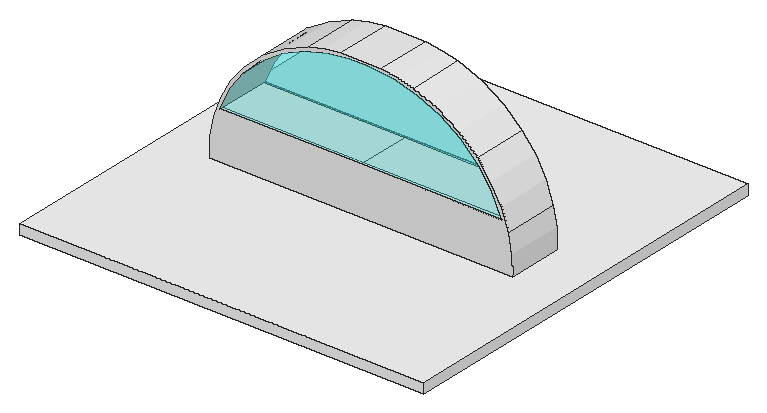
Revit family "BE_24470_de_DE", category Leuchten, Revit 2017
Family settings
  Basisbauteil = Fläche
  Bemaßung runder Anschluss = Durchmesser verwenden
  Teiletyp = Normal
  Beim Laden mit Abzugskörper schneiden = Ja
  Lichtquelle = Ja
  Gemeinsam genutzt = Nein
  Raumberechnungspunkt = Ja
Parameters (values of type "BEGA_24470_Weiß_K4")
  built-in parameter 1150104 = 19.073 (stored number, unit not read)
  Wattage = 5.7 W
  Default Elevation = 0 mm
  built-in parameter 1150113 = 1 (stored number, unit not read)
  built-in parameter 1114218 = 1 (stored number, unit not read)
  Umgebungstemperatur = "25 °C"
  URL = "https://www.bega.com/de/produkt/24470"
  Typenkommentare = "© 2021 BEGA. Wir behalten uns das Recht vor, technische Änderungen ohne vorherige Ankündigung vorzunehmen."  # constant formula
  built-in parameter 1150134 = 12
  built-in parameter 1150109 = 1 (stored number, unit not read)
  Strom = ""
  built-in parameter 1150110 = 1 (stored number, unit not read)
  Spannung = 239.996 V
  Sonderanfertigung = no
  Seriennummer [instance] = "Hier können Sie die eindeutige Seriennummer für das Facility Management eintragen."
  Schutzklasse = "I"
  Schutzart = "IP 65"
  Scheinlast = 0 VA
  Produktdatenblatt = "http://www.bega.de/download/Xrfa/db/24470.db.de.pdf"
  Oberflächentemperatur = ""
  Neigungswinkel = 0.00°
  Modell = "24470WK4"
  Material_17 = BEGA_Reflektor
  Material_15 = BEGA_Leuchtmedium_matt
  Material_11 = BEGA_Glas_opal
  Material_10 = BEGA_Glas_matt
  Material_09 = BEGA_Glas_klar
  Material_06 = BEGA_Oberfläche_Edelstahl_gebürstet
  Material_03 = BEGA_Oberfläche_Weiss_matt
  Material_02 = BEGA_Oberfläche_Silber_matt
  Material_01 [instance] = BEGA_Oberfläche_Grafit_matt
  M_W = yes
  M_G = no
  M_A = no
  Logo = 0
  built-in parameter 1114217 = 1 (stored number, unit not read)
  built-in parameter 1150139 = (empty or 0)
  built-in parameter 1150105 = 93.122 (stored number, unit not read)
  built-in parameter 1150114 = 1 (stored number, unit not read)
  Lumens = 1170.21 lm
  built-in parameter 1150115 = 1 (stored number, unit not read)
  Leuchtenlichtstrom = "591 lm"
  Leuchtenanzahl = ""
  Lebensdauerkriterien = "L70B50 @ 25 °C = 200000 h"
  Lastklassifizierung = Beleuchtung
  built-in parameter 1150112 = 1 (stored number, unit not read)
  Lampenlichtstrom = "1170 lm"
  Lampe = "LED 5.7 W"
  LED_Modulbezeichnung = "LED-0274/840"
  built-in parameter 1150142 = (empty or 0)
  Hersteller = "BEGA"  # constant formula
  Halbstreuwinkel = ""
  Gewicht = "1.5 kg"
  Gebrauchslageneinschränkung [instance] = ""
  Frequenz = "0/50-60 Hz"
  Farbwiedergabeindex = "CRI > 80"
  Farbtemperaturverschiebung bei Dämpfen der Lampe = <Keine Auswahl>
  Farbtemperatur = "4000 K"
  Color Filter = 16777215
  built-in parameter 1150133 = 10 (stored number, unit not read)
  Energieeffizienzklasse = "LED A++ - A"
  built-in parameter 1150137 = (empty or 0)
  built-in parameter 1150132 = (empty or 0)
  ENEC = ""
  Dimmbar [instance] = ""
  Datei für fotometrisches Netz = "BE_24470K4.IES"
  CE_Konformität = "ja"
  Bestellnummer = "24470WK4"
  Beschreibung_Sonderanfertigung = "Hier können Sie Informationen zur Sonderanfertigung eintragen."
  Beschreibung = "Wandleuchte"
  built-in parameter 1150106 = 0.93122 (stored number, unit not read)
  Befestigungsbohrung = "Ø 4,5 mm"
  Befestigungsabstand = "277 mm"
  Ballwurfsicher = ""
  BEGA_Intern_aus = yes
  BEGA_Intern_an = yes
  BEGA_Intern_Konstruktion = yes
  BEGA_Intern = yes
  BEGA_IES = yes
  BEGA_Dummy = no
  Anschlussleitung = ""
  Anschlussleistung [instance] = "6.8 W"
  Anschlusskasten = ""
  built-in parameter 1150107 = 4000 (stored number, unit not read)
  built-in parameter 1150102 = (empty or 0)
  built-in parameter 1150138 = (empty or 0)
  Aktualisierung = "2021-05-12T04:00:08"
  Abstand_zur_angestrahlten_Fläche [instance] = ""
  AC/DC = "AC/DC"
Types (6, lengths in mm): name | built-in parameter 1150104 | built-in parameter 1150134 | Modell | M_W | M_G | M_A | built-in parameter 1150105 | Lumens | Leuchtenlichtstrom | Lampenlichtstrom | LED_Modulbezeichnung | Farbtemperatur | Datei für fotometrisches Netz | Bestellnummer | built-in parameter 1150106 | built-in parameter 1150107
  BEGA_24470_Grafit_K3 | 18.497 (stored number, unit not read) | (empty or 0) | "24470K3" | no | yes | no | 90.31 (stored number, unit not read) | 1134.87 lm | "573 lm" | "1135 lm" | "LED-0274/830" | "3000 K" | "BE_24470K3.IES" | "24470K3" | 0.9031 (stored number, unit not read) | 3000 (stored number, unit not read)
  BEGA_24470_Silber_K4 | 19.073 (stored number, unit not read) | 12 | "24470AK4" | no | no | yes | 93.122 (stored number, unit not read) | 1170.21 lm | "591 lm" | "1170 lm" | "LED-0274/840" | "4000 K" | "BE_24470K4.IES" | "24470AK4" | 0.93122 (stored number, unit not read) | 4000 (stored number, unit not read)
  BEGA_24470_Grafit_K4 | 19.073 (stored number, unit not read) | 12 | "24470K4" | no | yes | no | 93.122 (stored number, unit not read) | 1170.21 lm | "591 lm" | "1170 lm" | "LED-0274/840" | "4000 K" | "BE_24470K4.IES" | "24470K4" | 0.93122 (stored number, unit not read) | 4000 (stored number, unit not read)
  BEGA_24470_Weiß_K3 | 18.488 (stored number, unit not read) | (empty or 0) | "24470WK3" | yes | no | no | 90.265 (stored number, unit not read) | 1134.3 lm | "573 lm" | "1135 lm" | "LED-0274/830" | "3000 K" | "BE_24470K3.IES" | "24470WK3" | 0.90265 (stored number, unit not read) | 3000 (stored number, unit not read)
  BEGA_24470_Weiß_K4 | 19.073 (stored number, unit not read) | 12 | "24470WK4" | yes | no | no | 93.122 (stored number, unit not read) | 1170.21 lm | "591 lm" | "1170 lm" | "LED-0274/840" | "4000 K" | "BE_24470K4.IES" | "24470WK4" | 0.93122 (stored number, unit not read) | 4000 (stored number, unit not read)
  BEGA_24470_Silber_K3 | 18.488 (stored number, unit not read) | (empty or 0) | "24470AK3" | no | no | yes | 90.265 (stored number, unit not read) | 1134.3 lm | "573 lm" | "1135 lm" | "LED-0274/830" | "3000 K" | "BE_24470K3.IES" | "24470AK3" | 0.90265 (stored number, unit not read) | 3000 (stored number, unit not read)
Reference planes
  plane 1 "Mitte (Vorne/Hinten)": y = 0
  plane 2: z = 0
  plane 3 "Mitte (Links/Rechts)": x = 0
  plane 4 "Links": x = -149.936
  plane 5 "Rechts": x = 149.099
  plane 6 "Unten": y = -29.07
  plane 7 "Oben": y = 25.93
  plane 8 "Vorne": z = 140
  plane 9 "Hinten": z = 0
Forms (mm)
  Extrusion 1, solid, material "BEGA_Platte_Weiss"
    sketch origin (0, -1119.2, 0) x (1, 0, 0) y (0, 1, 0)
      loop
        line (-200, 1319.2) -> (-200, 919.2) -> (200, 919.2) -> (200, 1319.2) -> (-200, 1319.2)
    from 0 to -10
  Extrusion 2, solid, material "BEGA_Dummy_matt", visible <- "BEGA_Dummy"
    sketch origin (80.095, -76.023, 0) x (1, 0, 0) y (0, 1, 0)
      loop
        line (-230.031, 101.953) -> (-230.031, 46.953) -> (69.004, 46.953) -> (69.004, 101.953) -> (-230.031, 101.953)
    from 0 to 140
Dimensions and locks
  plane 1 "Mitte (Vorne/Hinten)" to Extrusion 1 = 200 mm
  aligned and locked: Extrusion 1 to plane 2
  aligned and locked: Extrusion 1 to level
Nested families
  nested 1: "BE_24470" at (-0.418, 0, 0), type "BE_24470"
Connectors
  electrical at (0, 0, 0), driven by "Lastklassifizierung", driven by "Spannung", driven by "Scheinlast"
    settings: index 1, voltage 239.996 V, apparent load 0 VA, apparent load phase1 0 VA, apparent load phase2 0 VA, apparent load phase3 0 VA, power factor 1, load classification "Beleuchtung", number of poles 1, system type 31, power factor state 1, is connector primary yes, connector utility no, sub classification motor no, connector description ""
Definition of nested family "BE_24470"
  Parameters (values of type "BE_24470")
    Default Elevation = 1 mm
    URL = "http://www.bega.de/de/produkt"
    Type Comments = "© 2015 BEGA. Wir behalten uns das Recht vor, technische Änderungen ohne vorherige Ankündigung vorzunehmen. "  # constant formula
    Type Image = (empty or 0)
    Neigungswinkel_um_Z2 = 0.00°
    Neigungswinkel_um_Z1 = 0.00°
    Neigungswinkel_um_Y2 = 0.00°
    Neigungswinkel_um_Y1 = 0.00°
    Neigungswinkel_um_X2 = 0.00°
    Neigungswinkel_um_X1 = 0.00°
    Material_17 = none
    Material_15 = none
    Material_11 = none
    Material_10 = none
    Material_09 = none
    Material_06 = none
    Material_03 = none
    Material_02 = none
    Material_01 = none
    M_W = yes
    M_G = no
    M_A = no
    Länge_Platte = 350 mm  # constant formula
    Höhe_Platte = -20 mm  # constant formula
    Manufacturer = "BEGA"  # constant formula
    Drehwinkel_um_Z2 = 0.00°
    Drehwinkel_um_Z1 = 0.00°
    Breite_Platte = 350 mm  # constant formula
  Reference planes
    plane 1 "Mitte (Oben/Unten)": y = 0
    plane 2: z = 0
    plane 3 "Mitte (Links/Rechts)": x = 0
    plane 4: x = 0
    plane 5: y = 0
    plane 6: x = -149.517
    plane 7: x = 149.283
    plane 8: y = 27.5
    plane 9: y = -27.5
    plane 10: z = 140.224
  Forms (mm)
    Extrusion 1, solid, detail levels medium
      sketch origin (0, 0, 0) x (1, 0, 0) y (0, 1, 0)
        loop
          line (-175, 175) -> (-175, -175) -> (175, -175) -> (175, 175) -> (-175, 175)
      from 0 to -20 <- "Höhe_Platte"
    Extrusion 2, void
      sketch origin (0, 0, 0) x (1, 0, 0) y (0, 0, 1)
        loop
          line (0, 47.2) -> (139.372, 47.2)
          arc (139.372, 47.2) -> (129.657, 68.074) -> (116.438, 86.924) r 131.001
          arc (116.438, 86.924) -> (98.649, 104.38) -> (77.876, 118.151) r 131.001
          arc (77.876, 118.151) -> (43.585, 131.646) -> (7.118, 136.951) r 160.27
          arc (7.118, 136.951) -> (-13.063, 136.721) -> (-33.069, 134.064) r 167.401
          arc (-33.069, 134.064) -> (-56.066, 127.778) -> (-77.876, 118.151) r 160.27
          arc (-77.876, 118.151) -> (-98.649, 104.38) -> (-116.438, 86.924) r 131.001
          arc (-116.438, 86.924) -> (-129.657, 68.074) -> (-139.372, 47.2) r 131.001
          line (-139.372, 47.2) -> (0, 47.2)
      from -39.173 to 42.915
    Extrusion 3, void
      sketch origin (0, 0, 0) x (1, 0, 0) y (0, 1, 0)
        loop
          line (-140, -2.25) -> (-134, -2.25)
          arc (-134, -2.25) -> (-131.75, 0) -> (-134, 2.25) r 2.25
          line (-134, 2.25) -> (-137, 2.294) -> (-140, 2.25)
          arc (-140, 2.25) -> (-142.25, 0) -> (-140, -2.25) r 2.25
      from -3 to 22
    Extrusion 4, void
      sketch origin (0, 0, 0) x (1, 0, 0) y (0, 1, 0)
        loop
          arc (142.308, -4.033) -> (142.337, 0) -> (142.308, 4.033) r 282.341
          arc (142.308, 4.033) -> (139.938, 6.334) -> (137.634, 3.964) r 2.337
          arc (137.634, 3.964) -> (137.663, 0) -> (137.634, -3.964) r 277.666
          arc (137.634, -3.964) -> (139.938, -6.337) -> (142.308, -4.033) r 2.337
      from -6.114 to 18.886
    Extrusion 5, void
      sketch origin (0, 0, 0) x (1, 0, 0) y (0, 1, 0)
        loop
          circle (-87, 6.5) r 4.001
      from -6.872 to 18.128
    Extrusion 6, void
      sketch origin (0, 0, 0) x (1, 0, 0) y (0, 1, 0)
        loop
          circle (-66, -6.5) r 4.001
      from -6.114 to 18.886
    Extrusion 7, solid, material <- "Material_01", visible <- "M_G"
      sketch origin (0, 0, 0) x (1, 0, 0) y (0, 0, 1)
        loop
          arc (149.517, 0) -> (149.37, 18.894) -> (146.05, 37.495) r 112.048
          arc (146.05, 37.495) -> (134.105, 67.091) -> (115.336, 92.904) r 130.544
          arc (115.336, 92.904) -> (86.219, 116.888) -> (51.898, 132.545) r 144.916
          arc (51.898, 132.545) -> (35.969, 136.463) -> (19.701, 138.568) r 145.852
          arc (19.701, 138.568) -> (0, 139.281) -> (-19.701, 138.568) r 272.355
          arc (-19.701, 138.568) -> (-35.969, 136.463) -> (-51.898, 132.545) r 145.852
          arc (-51.898, 132.545) -> (-86.219, 116.888) -> (-115.336, 92.904) r 144.916
          arc (-115.336, 92.904) -> (-134.105, 67.091) -> (-146.05, 37.495) r 130.544
          arc (-146.05, 37.495) -> (-149.37, 18.894) -> (-149.517, 0) r 112.048
          line (-149.517, 0) -> (149.517, 0)
      from -27.5 to 27.5
    Extrusion 8, solid, material <- "Material_02", visible <- "M_A"
      sketch origin (0, 0, 0) x (1, 0, 0) y (0, 0, 1)
        loop
          arc (149.517, 0) -> (149.37, 18.894) -> (146.05, 37.495) r 112.048
          arc (146.05, 37.495) -> (134.105, 67.091) -> (115.336, 92.904) r 130.544
          arc (115.336, 92.904) -> (86.219, 116.888) -> (51.898, 132.545) r 144.916
          arc (51.898, 132.545) -> (35.969, 136.463) -> (19.701, 138.568) r 145.852
          arc (19.701, 138.568) -> (0, 139.281) -> (-19.701, 138.568) r 272.355
          arc (-19.701, 138.568) -> (-35.969, 136.463) -> (-51.898, 132.545) r 145.852
          arc (-51.898, 132.545) -> (-86.219, 116.888) -> (-115.336, 92.904) r 144.916
          arc (-115.336, 92.904) -> (-134.105, 67.091) -> (-146.05, 37.495) r 130.544
          arc (-146.05, 37.495) -> (-149.37, 18.894) -> (-149.517, 0) r 112.048
          line (-149.517, 0) -> (149.517, 0)
      from -27.5 to 27.5
    Extrusion 9, solid, material <- "Material_03", visible <- "M_W"
      sketch origin (0, 0, 0) x (1, 0, 0) y (0, 0, 1)
        loop
          arc (149.517, 0) -> (149.37, 18.894) -> (146.05, 37.495) r 112.048
          arc (146.05, 37.495) -> (134.105, 67.091) -> (115.336, 92.904) r 130.544
          arc (115.336, 92.904) -> (86.219, 116.888) -> (51.898, 132.545) r 144.916
          arc (51.898, 132.545) -> (35.969, 136.463) -> (19.701, 138.568) r 145.852
          arc (19.701, 138.568) -> (0, 139.281) -> (-19.701, 138.568) r 272.355
          arc (-19.701, 138.568) -> (-35.969, 136.463) -> (-51.898, 132.545) r 145.852
          arc (-51.898, 132.545) -> (-86.219, 116.888) -> (-115.336, 92.904) r 144.916
          arc (-115.336, 92.904) -> (-134.105, 67.091) -> (-146.05, 37.495) r 130.544
          arc (-146.05, 37.495) -> (-149.37, 18.894) -> (-149.517, 0) r 112.048
          line (-149.517, 0) -> (149.517, 0)
      from -27.5 to 27.5
    Extrusion 10, solid, material <- "Material_09"
      sketch origin (0, 0, 0) x (1, 0, 0) y (0, 0, 1)
        loop
          line (0, 47.2) -> (139.372, 47.2)
          arc (139.372, 47.2) -> (129.657, 68.074) -> (116.438, 86.924) r 131.001
          arc (116.438, 86.924) -> (98.649, 104.38) -> (77.876, 118.151) r 131.001
          arc (77.876, 118.151) -> (43.585, 131.646) -> (7.118, 136.951) r 160.27
          arc (7.118, 136.951) -> (-13.063, 136.721) -> (-33.069, 134.064) r 167.401
          arc (-33.069, 134.064) -> (-56.066, 127.778) -> (-77.876, 118.151) r 160.27
          arc (-77.876, 118.151) -> (-98.649, 104.38) -> (-116.438, 86.924) r 131.001
          arc (-116.438, 86.924) -> (-129.657, 68.074) -> (-139.372, 47.2) r 131.001
          line (-139.372, 47.2) -> (0, 47.2)
      from 24.826 to 27.5
    Extrusion 11, solid, material <- "Material_09"
      sketch origin (0, 0, 0) x (1, 0, 0) y (0, 0, -1)
        loop
          line (0, -47.2) -> (-139.372, -47.2)
          arc (-139.372, -47.2) -> (-129.657, -68.074) -> (-116.438, -86.924) r 131.001
          arc (-116.438, -86.924) -> (-98.649, -104.38) -> (-77.876, -118.151) r 131.001
          arc (-77.876, -118.151) -> (-56.066, -127.778) -> (-33.069, -134.064) r 160.27
          arc (-33.069, -134.064) -> (-13.063, -136.721) -> (7.118, -136.951) r 167.401
          arc (7.118, -136.951) -> (43.585, -131.646) -> (77.876, -118.151) r 160.27
          arc (77.876, -118.151) -> (98.649, -104.38) -> (116.438, -86.924) r 131.001
          arc (116.438, -86.924) -> (129.657, -68.074) -> (139.372, -47.2) r 131.001
          line (139.372, -47.2) -> (0, -47.2)
      from 24.826 to 27.5
  Cuts and joins
    Extrusion 2, Extrusion 3, Extrusion 4, Extrusion 5, Extrusion 6 cuts Extrusion 7
    Extrusion 2, Extrusion 3, Extrusion 4, Extrusion 5, Extrusion 6 cuts Extrusion 9
    Extrusion 2, Extrusion 3, Extrusion 4, Extrusion 5, Extrusion 6 cuts Extrusion 8
  Dimensions and locks
    equal spacing: Extrusion 1 sketch curve, plane 3 "Mitte (Links/Rechts)", Extrusion 1 sketch curve
    equal spacing: Extrusion 1 sketch curve, plane 1 "Mitte (Oben/Unten)", Extrusion 1 sketch curve
    "Länge_Platte": Extrusion 1 sketch curve to Extrusion 1 sketch curve
    "Breite_Platte": Extrusion 1 sketch curve to Extrusion 1 sketch curve
    aligned and locked: Extrusion 1 to plane 2
    aligned and locked: Extrusion 1 to level
  Automatic sketch dimensions
    Extrusion 2 sketch curve to Extrusion 2 sketch curve = 0 mm  (x6)
    Extrusion 2 sketch curve to plane 3 "Mitte (Links/Rechts)" = 0 mm
    Extrusion 2 sketch curve to plane 3 "Mitte (Links/Rechts)" = 1.065 mm
    Extrusion 2 sketch curve to plane 3 "Mitte (Links/Rechts)" = 2.429 mm
    level to Extrusion 2 sketch curve = 2.573 mm  (x2)
    Extrusion 2 sketch curve to plane 3 "Mitte (Links/Rechts)" = 16.207 mm
    plane 6 to Extrusion 2 sketch curve = 10.145 mm
    plane 3 "Mitte (Links/Rechts)" to Extrusion 2 sketch curve = 2.429 mm
    plane 3 "Mitte (Links/Rechts)" to Extrusion 2 sketch curve = 16.207 mm
    plane 7 to Extrusion 2 sketch curve = 9.91 mm
    Extrusion 2 sketch curve to level = 23.25 mm
    Extrusion 2 sketch curve to Extrusion 2 sketch curve = 7 mm
    level to Extrusion 2 sketch curve = 47.2 mm
    Extrusion 2 sketch curve to plane 10 = 6.16 mm
    plane 6 to Extrusion 2 sketch curve = 33.08 mm
    Extrusion 2 sketch curve to plane 10 = 3.273 mm
    plane 7 to Extrusion 2 sketch curve = 32.845 mm
    plane 1 "Mitte (Oben/Unten)" to Extrusion 3 sketch curve = 0 mm  (x2)
    Extrusion 3 sketch curve to plane 1 "Mitte (Oben/Unten)" = 2.25 mm
    plane 6 to Extrusion 3 sketch curve = 9.517 mm
    Extrusion 3 sketch curve to plane 1 "Mitte (Oben/Unten)" = 2.294 mm
    Extrusion 3 sketch curve to Extrusion 3 sketch curve = 3 mm  (x2)
    plane 1 "Mitte (Oben/Unten)" to Extrusion 4 sketch curve = 0 mm
    plane 6 to Extrusion 4 sketch curve = 9.514 mm
    Extrusion 4 sketch curve to Extrusion 4 sketch curve = 0 mm  (x7)
    plane 1 "Mitte (Oben/Unten)" to Extrusion 4 sketch curve = 4 mm
    plane 7 to Extrusion 4 sketch curve = 9.311 mm
    Extrusion 4 sketch curve to plane 1 "Mitte (Oben/Unten)" = 3.997 mm
    Extrusion 4 sketch curve to plane 1 "Mitte (Oben/Unten)" = 0.003 mm
    Extrusion 4 sketch curve to Extrusion 4 sketch curve = 2.337 mm  (x4)
    Extrusion 4 sketch curve to Extrusion 4 sketch curve = 0.033 mm
    Extrusion 7 sketch curve to level = 0 mm
    plane 3 "Mitte (Links/Rechts)" to Extrusion 7 sketch curve = 0 mm
    Extrusion 7 sketch curve to level = 6.903 mm  (x2)
    Extrusion 7 sketch curve to plane 3 "Mitte (Links/Rechts)" = 9.151 mm
    Extrusion 7 sketch curve to Extrusion 7 sketch curve = 0.274 mm  (x2)
    level to Extrusion 7 sketch curve = 3.802 mm  (x2)
    Extrusion 7 sketch curve to Extrusion 7 sketch curve = 10.503 mm  (x2)
    level to Extrusion 7 sketch curve = 8.576 mm  (x2)
    Extrusion 7 sketch curve to Extrusion 7 sketch curve = 17.87 mm  (x2)
    plane 6 to Extrusion 7 sketch curve = 0 mm
    plane 3 "Mitte (Links/Rechts)" to Extrusion 7 sketch curve = 9.151 mm
    Extrusion 7 sketch curve to plane 7 = 0.235 mm
    Extrusion 7 sketch curve to Extrusion 7 sketch curve = 126.172 mm
    Extrusion 7 sketch curve to Extrusion 7 sketch curve = 0.895 mm  (x2)
    Extrusion 7 sketch curve to plane 10 = 1.657 mm
    Extrusion 7 sketch curve to Extrusion 7 sketch curve = 0 mm  (x6)
    Extrusion 8 sketch curve to level = 0 mm
    plane 3 "Mitte (Links/Rechts)" to Extrusion 8 sketch curve = 0 mm
    Extrusion 8 sketch curve to level = 6.903 mm  (x2)
    Extrusion 8 sketch curve to plane 3 "Mitte (Links/Rechts)" = 9.151 mm
    Extrusion 8 sketch curve to Extrusion 8 sketch curve = 0.274 mm  (x2)
    level to Extrusion 8 sketch curve = 3.802 mm  (x2)
    Extrusion 8 sketch curve to Extrusion 8 sketch curve = 10.503 mm  (x2)
    level to Extrusion 8 sketch curve = 8.576 mm  (x2)
    Extrusion 8 sketch curve to Extrusion 8 sketch curve = 17.87 mm  (x2)
    plane 6 to Extrusion 8 sketch curve = 0 mm
    plane 3 "Mitte (Links/Rechts)" to Extrusion 8 sketch curve = 9.151 mm
    Extrusion 8 sketch curve to plane 7 = 0.235 mm
    Extrusion 8 sketch curve to Extrusion 8 sketch curve = 126.172 mm
    Extrusion 8 sketch curve to Extrusion 8 sketch curve = 0.895 mm  (x2)
    Extrusion 8 sketch curve to plane 10 = 1.657 mm
    Extrusion 8 sketch curve to Extrusion 8 sketch curve = 0 mm  (x6)
    Extrusion 9 sketch curve to level = 0 mm
    plane 3 "Mitte (Links/Rechts)" to Extrusion 9 sketch curve = 0 mm
    Extrusion 9 sketch curve to level = 6.903 mm  (x2)
    Extrusion 9 sketch curve to plane 3 "Mitte (Links/Rechts)" = 9.151 mm
    Extrusion 9 sketch curve to Extrusion 9 sketch curve = 0.274 mm  (x2)
    level to Extrusion 9 sketch curve = 3.802 mm  (x2)
    Extrusion 9 sketch curve to Extrusion 9 sketch curve = 10.503 mm  (x2)
    level to Extrusion 9 sketch curve = 8.576 mm  (x2)
    Extrusion 9 sketch curve to Extrusion 9 sketch curve = 17.87 mm  (x2)
    plane 6 to Extrusion 9 sketch curve = 0 mm
    plane 3 "Mitte (Links/Rechts)" to Extrusion 9 sketch curve = 9.151 mm
    Extrusion 9 sketch curve to plane 7 = 0.235 mm
    Extrusion 9 sketch curve to Extrusion 9 sketch curve = 126.172 mm
    Extrusion 9 sketch curve to Extrusion 9 sketch curve = 0.895 mm  (x2)
    Extrusion 9 sketch curve to plane 10 = 1.657 mm
    Extrusion 9 sketch curve to Extrusion 9 sketch curve = 0 mm  (x6)
    Extrusion 10 sketch curve to Extrusion 10 sketch curve = 0 mm  (x6)
    Extrusion 10 sketch curve to plane 3 "Mitte (Links/Rechts)" = 0 mm
    Extrusion 10 sketch curve to plane 3 "Mitte (Links/Rechts)" = 1.065 mm
    Extrusion 10 sketch curve to plane 3 "Mitte (Links/Rechts)" = 2.429 mm
    level to Extrusion 10 sketch curve = 2.573 mm  (x2)
    Extrusion 10 sketch curve to plane 3 "Mitte (Links/Rechts)" = 16.207 mm
    plane 6 to Extrusion 10 sketch curve = 10.145 mm
    plane 3 "Mitte (Links/Rechts)" to Extrusion 10 sketch curve = 2.429 mm
    plane 3 "Mitte (Links/Rechts)" to Extrusion 10 sketch curve = 16.207 mm
    plane 7 to Extrusion 10 sketch curve = 9.91 mm
    Extrusion 10 sketch curve to level = 23.25 mm
    Extrusion 10 sketch curve to Extrusion 10 sketch curve = 7 mm
    level to Extrusion 10 sketch curve = 47.2 mm
    Extrusion 10 sketch curve to plane 10 = 6.16 mm
    plane 6 to Extrusion 10 sketch curve = 33.08 mm
    Extrusion 10 sketch curve to plane 10 = 3.273 mm
    plane 7 to Extrusion 10 sketch curve = 32.845 mm
    Extrusion 11 sketch curve to Extrusion 11 sketch curve = 0 mm  (x6)
    Extrusion 11 sketch curve to plane 3 "Mitte (Links/Rechts)" = 0 mm
    Extrusion 11 sketch curve to plane 3 "Mitte (Links/Rechts)" = 1.065 mm
    Extrusion 11 sketch curve to plane 3 "Mitte (Links/Rechts)" = 2.429 mm
    level to Extrusion 11 sketch curve = 2.573 mm  (x2)
    Extrusion 11 sketch curve to plane 3 "Mitte (Links/Rechts)" = 16.207 mm
    plane 6 to Extrusion 11 sketch curve = 10.145 mm
    plane 3 "Mitte (Links/Rechts)" to Extrusion 11 sketch curve = 2.429 mm
    plane 3 "Mitte (Links/Rechts)" to Extrusion 11 sketch curve = 16.207 mm
    plane 7 to Extrusion 11 sketch curve = 9.91 mm
    level to Extrusion 11 sketch curve = 47.2 mm
    Extrusion 11 sketch curve to level = 23.25 mm
    Extrusion 11 sketch curve to Extrusion 11 sketch curve = 7 mm
    Extrusion 11 sketch curve to plane 10 = 6.16 mm
    plane 6 to Extrusion 11 sketch curve = 33.08 mm
    Extrusion 11 sketch curve to plane 10 = 3.273 mm
    plane 7 to Extrusion 11 sketch curve = 32.845 mm
